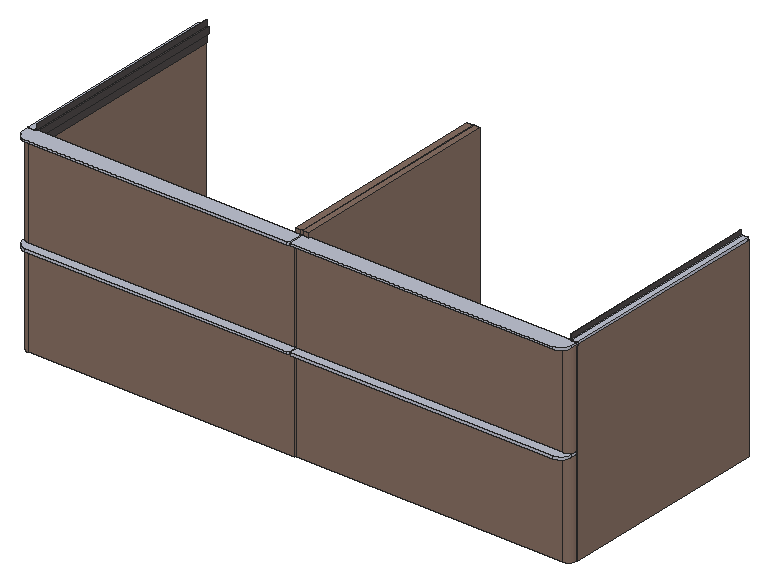
Revit family "vanity unit with 4 drawers for consoles with bowl", category Furniture, Revit 2019 (continued)
Definition of nested family "vanity unit 1560_550 with 4 drawers for consoles with bowl-54092700-natural oak-matt_white-200_content"
  Parameters (values of type "Vanity unit 1560_550 with 4 drawers for consoles with bowl-54092700-Natural Oak-MATT_WHITE-200_Content")
    etim7_EC011381 = "EC011381"
    WEIGHT = "61"
    UNSPSC = "56 | Furniture and Furnishings"
    UNIFORMATII = "E2010 | Fixed Furnishings"
    UNICLASS_2015_CODE = "40_30_78_05"
    UNICLASS2015 = "Pr_40_30_78_05 | Bathroom furniture"
    SURFACE = "MATT_WHITE"
    REGIONSET = "Worldwide"
    PRODUCTURL = "https://pro.hansgrohe.com/articledetail--54092000"
    PRODUCTGROUP = "vanity unit"
    PRODUCTFAMILY = "Xelu Q"
    PERMALINK = "54092XXX"
    OMNICLASS = "23-21 19 15 33 13 | Residential Bathroom Specialty Casework"
    OBJECTTYPE = "Object (single object)"
    OBERFLAECHE = "Natural Oak"
    NN = "Vanity Unit with 4 Drawers for consoles with bowl"
    NBSYN = "$BASENUMBER.-$ARTNR.-$OBERFLAECHE.-$SURFACE.-$LODLEVEL."
    NB = "Vanity unit 1560/550 with 4 drawers for consoles with bowl-54092700-Natural Oak-MATT_WHITE-200"
    NAME = "Xelu Q Vanity unit Natural Oak 1560/550 with 4 drawers for consoles with bowl"
    Model = "Vanity unit 1560/550 with 4 drawers for consoles with bowl-54092700-Natural Oak-MATT_WHITE-200"
    Manufacturer = "Hansgrohe"
    MASTERFORMAT = "12 35 30.23 | Bathroom Casework"
    LODLEVEL = "200"
    LINA = "Vanity unit 1560/550 with 4 drawers for consoles with bowl-54092700-Natural Oak-MATT_WHITE-200"
    L = 1560
    IFC = "Furnishing element"
    GTINCODE = "4059625457191"
    ETIM = "EC011381 | Bathroom furniture set"
    Default Elevation = 1219.2 mm
    DESIGN = "Germany"
    ContentVisible [instance] = yes
    CATALOG = "Hansgrohe"
    BIMOBJECT = "Sanitary: Compound units"
    BASENUMBER = "Vanity unit 1560/550 with 4 drawers for consoles with bowl"
    ARTNR = "54092700"
  Reference planes
    plane 1 "Center (Front/Back)": y = 0
    plane 2: z = 0
    plane 3 "Center (Left/Right)": x = 0
  Forms (mm)
    Extrusion 1, solid, visible <- "ContentVisible", detail levels medium+fine
      sketch origin (0, 0, 0) x (1, 0, 0) y (0, 1, 0)
        loop
          line (-780, 0) -> (-780, -551) -> (780, -551) -> (780, 0) -> (764, 0) -> (764, -117) -> (-764, -117) -> (-764, 0) -> (-780, 0)
      from 0 to 480
    Extrusion 2, solid, visible <- "ContentVisible", detail levels medium+fine
      sketch origin (0, 0, 480) x (1, 0, 0) y (0, 1, 0)
        loop
          line (-778.5, -528.5) -> (-778.5, -571) -> (778.5, -571) -> (778.5, -528.5) -> (-778.5, -528.5)
      from 0 to 5
    Extrusion 3, solid, visible <- "ContentVisible", detail levels medium+fine
      sketch origin (0, 0, 237) x (1, 0, 0) y (0, 1, 0)
        loop
          line (-778.5, -528.5) -> (-778.5, -571) -> (778.5, -571) -> (778.5, -528.5) -> (-778.5, -528.5)
      from 0 to 5
    Extrusion 4, solid, visible <- "ContentVisible", detail levels medium+fine
      sketch origin (0, 0, 0) x (1, 0, 0) y (0, 0, -1)
        loop
          line (-764, -447) -> (-764, -485) -> (-762.5, -485) -> (-762.5, -447) -> (-764, -447)
      from -528.5 to 0
    Extrusion 5, solid, visible <- "ContentVisible", detail levels medium+fine
      sketch origin (0, 0, 0) x (1, 0, 0) y (0, 0, -1)
        loop
          line (762.5, -446.8) -> (762.5, -485) -> (764, -485) -> (764, -446.8) -> (762.5, -446.8)
      from -528.5 to 0
    Extrusion 6, solid, visible <- "ContentVisible", detail levels medium+fine
      sketch origin (0, 0, 480) x (1, 0, 0) y (0, 1, 0)
        loop
          line (-780, 0) -> (-780, -530) -> (-764, -530) -> (-764, 0) -> (-780, 0)
      from 0 to 5
    Extrusion 7, solid, visible <- "ContentVisible", detail levels medium+fine
      sketch origin (0, 0, 480) x (1, 0, 0) y (0, 1, 0)
        loop
          line (764, 0) -> (764, -530) -> (780, -530) -> (780, 0) -> (764, 0)
      from 0 to 5
    Extrusion 8, solid, visible <- "ContentVisible", detail levels medium+fine
      sketch origin (0, 0, 0) x (1, 0, 0) y (0, 0, -1)
        loop
          line (-762.5, -447) -> (-762.5, -496) -> (-756.4, -496) -> (-756.4, -447) -> (-762.5, -447)
      from -528.5 to 0
    Extrusion 9, solid, visible <- "ContentVisible", detail levels medium+fine
      sketch origin (0, 0, 0) x (1, 0, 0) y (0, 0, -1)
        loop
          line (756.4, -447) -> (756.4, -496) -> (762.5, -496) -> (762.5, -447) -> (756.4, -447)
      from -528.5 to 0
    Extrusion 10, solid, visible <- "ContentVisible", detail levels coarse
      sketch origin (0, -285.5, 0) x (1, 0, 0) y (0, 1, 0)
        loop
          line (-780, -285.5) -> (780, -285.5) -> (780, 285.5) -> (-780, 285.5) -> (-780, -285.5)
      from 0 to 496
  Dimensions and locks
    aligned and locked: level to plane 2
Definition of nested family "vanity unit 1560_550 with 4 drawers for consoles with bowl-54092700-natural oak-matt_white-400_content"
  Parameters (values of type "Vanity unit 1560_550 with 4 drawers for consoles with bowl-54092700-Natural Oak-MATT_WHITE-400_Content")
    etim7_EC011381 = "EC011381"
    WEIGHT = "61"
    UNSPSC = "56 | Furniture and Furnishings"
    UNIFORMATII = "E2010 | Fixed Furnishings"
    UNICLASS_2015_CODE = "40_30_78_05"
    UNICLASS2015 = "Pr_40_30_78_05 | Bathroom furniture"
    SURFACE = "MATT_WHITE"
    REGIONSET = "Worldwide"
    PRODUCTURL = "https://pro.hansgrohe.com/articledetail--54092000"
    PRODUCTGROUP = "vanity unit"
    PRODUCTFAMILY = "Xelu Q"
    PERMALINK = "54092XXX"
    OMNICLASS = "23-21 19 15 33 13 | Residential Bathroom Specialty Casework"
    OBJECTTYPE = "Object (single object)"
    OBERFLAECHE = "Natural Oak"
    NN = "Vanity Unit with 4 Drawers for consoles with bowl"
    NBSYN = "$BASENUMBER.-$ARTNR.-$OBERFLAECHE.-$SURFACE.-$LODLEVEL."
    NB = "Vanity unit 1560/550 with 4 drawers for consoles with bowl-54092700-Natural Oak-MATT_WHITE-400"
    NAME = "Xelu Q Vanity unit Natural Oak 1560/550 with 4 drawers for consoles with bowl"
    Model = "Vanity unit 1560/550 with 4 drawers for consoles with bowl-54092700-Natural Oak-MATT_WHITE-400"
    Manufacturer = "Hansgrohe"
    MASTERFORMAT = "12 35 30.23 | Bathroom Casework"
    LODLEVEL = "400"
    LINA = "Vanity unit 1560/550 with 4 drawers for consoles with bowl-54092700-Natural Oak-MATT_WHITE-400"
    L = 1560
    IFC = "Furnishing element"
    GTINCODE = "4059625457191"
    ETIM = "EC011381 | Bathroom furniture set"
    Default Elevation = 1219.2 mm
    DESIGN = "Germany"
    ContentVisible [instance] = yes
    CATALOG = "Hansgrohe"
    BIMOBJECT = "Sanitary: Compound units"
    BASENUMBER = "Vanity unit 1560/550 with 4 drawers for consoles with bowl"
    ARTNR = "54092700"
  Reference planes
    plane 1 "Center (Front/Back)": y = 0
    plane 2: z = 0
    plane 3 "Center (Left/Right)": x = 0
  Forms (mm)
    Extrusion 1, solid, visible <- "ContentVisible", detail levels medium+fine
      sketch origin (0, 0, 0) x (1, 0, 0) y (0, 1, 0)
        loop
          line (-780, 0) -> (-780, -527)
          arc (-780, -527) -> (-779.121, -529.121) -> (-777, -530) r 3
          line (-777, -530) -> (-764, -530) -> (-764, 0) -> (-780, 0)
      from 0 to 480
    Extrusion 2, solid, visible <- "ContentVisible", detail levels medium+fine
      sketch origin (0, 0, 0) x (1, 0, 0) y (0, 1, 0)
        loop
          line (-764, -133) -> (-764, -499.5) -> (-16, -499.5) -> (-16, -133) -> (-764, -133)
      from 0 to 16
    Extrusion 3, solid, visible <- "ContentVisible", detail levels medium+fine
      sketch origin (0, 0, 0) x (1, 0, 0) y (0, 1, 0)
        loop
          line (-16, 0) -> (-16, -530) -> (-3, -530)
          arc (-3, -530) -> (-0.879, -529.121) -> (0, -527) r 3
          line (0, -527) -> (0, 0) -> (-16, 0)
      from 0 to 496
    Extrusion 4, solid, visible <- "ContentVisible", detail levels medium+fine
      sketch origin (0, 0, 0) x (1, 0, 0) y (0, 1, 0)
        loop
          line (0, 0) -> (0, -527)
          arc (0, -527) -> (0.879, -529.121) -> (3, -530) r 3
          line (3, -530) -> (16, -530) -> (16, 0) -> (0, 0)
      from 0 to 496
    Extrusion 5, solid, visible <- "ContentVisible", detail levels medium+fine
      sketch origin (0, 0, 0) x (1, 0, 0) y (0, 1, 0)
        loop
          line (16, -499.5) -> (764, -499.5) -> (764, -133) -> (16, -133) -> (16, -499.5)
      from 0 to 16
    Extrusion 6, solid, visible <- "ContentVisible", detail levels medium+fine
      sketch origin (0, 0, 0) x (1, 0, 0) y (0, 1, 0)
        loop
          line (764, 0) -> (764, -530) -> (777, -530)
          arc (777, -530) -> (779.121, -529.121) -> (780, -527) r 3
          line (780, -527) -> (780, 0) -> (764, 0)
      from 0 to 480
    Extrusion 7, solid, visible <- "ContentVisible", detail levels medium+fine
      sketch origin (0, 0, 0) x (1, 0, 0) y (0, 1, 0)
        loop
          line (-764, -117) -> (-764, -133) -> (764, -133) -> (764, -117) -> (-764, -117)
      from 0 to 126
    Extrusion 8, solid, visible <- "ContentVisible", detail levels medium+fine
      sketch origin (0, 0, 2) x (1, 0, 0) y (0, 1, 0)
        loop
          arc (-780, -532) -> (-774.435, -545.435) -> (-761, -551) r 19
          line (-761, -551) -> (-2.5, -551)
          arc (-2.5, -551) -> (-1.793, -550.707) -> (-1.5, -550) r 1
          line (-1.5, -550) -> (-1.5, -530) -> (-780, -530) -> (-780, -532)
      from 0 to 235
    Extrusion 9, solid, visible <- "ContentVisible", detail levels medium+fine
      sketch origin (0, 0, 2) x (1, 0, 0) y (0, 1, 0)
        loop
          arc (1.5, -550) -> (1.793, -550.707) -> (2.5, -551) r 1
          line (2.5, -551) -> (761, -551)
          arc (761, -551) -> (774.435, -545.435) -> (780, -532) r 19
          line (780, -532) -> (780, -530) -> (1.5, -530) -> (1.5, -550)
      from 0 to 235
    Extrusion 10, solid, visible <- "ContentVisible", detail levels medium+fine
      sketch origin (0, 0, 237) x (1, 0, 0) y (0, 1, 0)
        loop
          line (-778.5, -530) -> (-778.5, -546)
          arc (-778.5, -546) -> (-771.178, -563.678) -> (-753.5, -571) r 25
          line (-753.5, -571) -> (-4.5, -571)
          arc (-4.5, -571) -> (-2.379, -570.121) -> (-1.5, -568) r 3
          line (-1.5, -568) -> (-1.5, -528.5) -> (-758.5, -528.5) -> (-758.5, -530) -> (-778.5, -530)
      from 0 to 5
    Extrusion 11, solid, visible <- "ContentVisible", detail levels medium+fine
      sketch origin (0, 0, 237) x (1, 0, 0) y (0, 1, 0)
        loop
          arc (1.5, -568) -> (2.379, -570.121) -> (4.5, -571) r 3
          line (4.5, -571) -> (753.5, -571)
          arc (753.5, -571) -> (771.178, -563.678) -> (778.5, -546) r 25
          line (778.5, -546) -> (778.5, -530) -> (758.5, -530) -> (758.5, -528.5) -> (1.5, -528.5) -> (1.5, -568)
      from 0 to 5
    Extrusion 12, solid, visible <- "ContentVisible", detail levels medium+fine
      sketch origin (0, 0, 245) x (1, 0, 0) y (0, 1, 0)
        loop
          arc (-780, -532) -> (-774.435, -545.435) -> (-761, -551) r 19
          line (-761, -551) -> (-2.5, -551)
          arc (-2.5, -551) -> (-1.793, -550.707) -> (-1.5, -550) r 1
          line (-1.5, -550) -> (-1.5, -530) -> (-780, -530) -> (-780, -532)
      from 0 to 235
    Extrusion 13, solid, visible <- "ContentVisible", detail levels medium+fine
      sketch origin (0, 0, 245) x (1, 0, 0) y (0, 1, 0)
        loop
          arc (1.5, -550) -> (1.793, -550.707) -> (2.5, -551) r 1
          line (2.5, -551) -> (761, -551)
          arc (761, -551) -> (774.435, -545.435) -> (780, -532) r 19
          line (780, -532) -> (780, -530) -> (1.5, -530) -> (1.5, -550)
      from 0 to 235
    Extrusion 14, solid, visible <- "ContentVisible", detail levels medium+fine
      sketch origin (0, 0, 480) x (1, 0, 0) y (0, 1, 0)
        loop
          line (-778.5, -530) -> (-778.5, -546)
          arc (-778.5, -546) -> (-771.178, -563.678) -> (-753.5, -571) r 25
          line (-753.5, -571) -> (-4.5, -571)
          arc (-4.5, -571) -> (-2.379, -570.121) -> (-1.5, -568) r 3
          line (-1.5, -568) -> (-1.5, -528.5) -> (-758.5, -528.5) -> (-758.5, -530) -> (-778.5, -530)
      from 0 to 5
    Extrusion 15, solid, visible <- "ContentVisible", detail levels medium+fine
      sketch origin (0, 0, 480) x (1, 0, 0) y (0, 1, 0)
        loop
          arc (1.5, -568) -> (2.379, -570.121) -> (4.5, -571) r 3
          line (4.5, -571) -> (753.5, -571)
          arc (753.5, -571) -> (771.178, -563.678) -> (778.5, -546) r 25
          line (778.5, -546) -> (778.5, -530) -> (758.5, -530) -> (758.5, -528.5) -> (1.5, -528.5) -> (1.5, -568)
      from 0 to 5
    Extrusion 16, solid, visible <- "ContentVisible", detail levels medium+fine
      sketch origin (-1.5, 0, 0) x (0, 0, -1) y (0, 1, 0)
        loop
          line (-480, -528.5) -> (-480, -530) -> (-450, -530) -> (-450, -528.5) -> (-480, -528.5)
      from -764 to 764
    Extrusion 17, solid, visible <- "ContentVisible", detail levels medium+fine
      sketch origin (-1.5, 0, 0) x (0, 0, -1) y (0, 1, 0)
        loop
          line (-242, -528.5) -> (-242, -530) -> (-212, -530) -> (-212, -528.5) -> (-242, -528.5)
      from -764 to 764
    Extrusion 18, solid, visible <- "ContentVisible", detail levels medium+fine
      sketch origin (1.5, 0, 0) x (0, 0, -1) y (0, 1, 0)
        loop
          line (-480, -528.5) -> (-480, -530) -> (-450, -530) -> (-450, -528.5) -> (-480, -528.5)
      from 0 to 764
    Extrusion 19, solid, visible <- "ContentVisible", detail levels medium+fine
      sketch origin (0, 0, 0) x (1, 0, 0) y (0, 0, -1)
        loop
          line (-764, -447) -> (-764, -485) -> (-762.5, -485) -> (-762.5, -447) -> (-764, -447)
      from -528.5 to 0
    Extrusion 20, solid, visible <- "ContentVisible", detail levels medium+fine
      sketch origin (0, 0, 0) x (1, 0, 0) y (0, 0, -1)
        loop
          line (762.5, -446.8) -> (762.5, -485) -> (764, -485) -> (764, -446.8) -> (762.5, -446.8)
      from -528.5 to 0
    Extrusion 21, solid, visible <- "ContentVisible", detail levels medium+fine
      sketch origin (0, 0, 480) x (1, 0, 0) y (0, 1, 0)
        loop
          line (-780, -3) -> (-780, -527)
          arc (-780, -527) -> (-779.121, -529.121) -> (-777, -530) r 3
          line (-777, -530) -> (-764, -530) -> (-764, 0) -> (-777, 0)
          arc (-777, 0) -> (-779.121, -0.879) -> (-780, -3) r 3
      from 0 to 5
    Extrusion 22, solid, visible <- "ContentVisible", detail levels medium+fine
      sketch origin (0, 0, 480) x (1, 0, 0) y (0, 1, 0)
        loop
          line (764, 0) -> (764, -530) -> (777, -530)
          arc (777, -530) -> (779.121, -529.121) -> (780, -527) r 3
          line (780, -527) -> (780, -3)
          arc (780, -3) -> (779.121, -0.879) -> (777, 0) r 3
          line (777, 0) -> (764, 0)
      from 0 to 5
    Extrusion 23, solid, visible <- "ContentVisible", detail levels medium+fine
      sketch origin (0, 0, 0) x (1, 0, 0) y (0, 0, -1)
        loop
          line (-762.5, -447) -> (-762.5, -496) -> (-761, -496) -> (-761, -483) -> (-756.4, -483) -> (-756.4, -468.5) -> (-761, -468.5) -> (-761, -447) -> (-762.5, -447)
      from -525 to 0
    Extrusion 24, solid, visible <- "ContentVisible", detail levels medium+fine
      sketch origin (0, 0, 0) x (1, 0, 0) y (0, 0, -1)
        loop
          line (756.4, -468.5) -> (756.4, -483) -> (761, -483) -> (761, -496) -> (762.5, -496) -> (762.5, -447) -> (761, -447) -> (761, -468.5) -> (756.4, -468.5)
      from -525 to 0
    Extrusion 25, solid, visible <- "ContentVisible", detail levels coarse
      sketch origin (0, -285.5, 0) x (1, 0, 0) y (0, 1, 0)
        loop
          line (-780, -285.5) -> (780, -285.5) -> (780, 285.5) -> (-780, 285.5) -> (-780, -285.5)
      from 0 to 496
  Dimensions and locks
    aligned and locked: level to plane 2
Definition of nested family "vanity unit 1560_550 with 4 drawers for consoles with bowl-54093000-dark walnut-chrome-200_content"
  Parameters (values of type "Vanity unit 1560_550 with 4 drawers for consoles with bowl-54093000-Dark Walnut-CHROME-200_Content")
    etim7_EC011381 = "EC011381"
    WEIGHT = "61"
    UNSPSC = "56 | Furniture and Furnishings"
    UNIFORMATII = "E2010 | Fixed Furnishings"
    UNICLASS_2015_CODE = "40_30_78_05"
    UNICLASS2015 = "Pr_40_30_78_05 | Bathroom furniture"
    SURFACE = "CHROME"
    REGIONSET = "Worldwide"
    PRODUCTURL = "https://pro.hansgrohe.com/articledetail--54093000"
    PRODUCTGROUP = "vanity unit"
    PRODUCTFAMILY = "Xelu Q"
    PERMALINK = "54093XXX"
    OMNICLASS = "23-21 19 15 33 13 | Residential Bathroom Specialty Casework"
    OBJECTTYPE = "Object (single object)"
    OBERFLAECHE = "Dark Walnut"
    NN = "Vanity Unit with 4 Drawers for consoles with bowl"
    NBSYN = "$BASENUMBER.-$ARTNR.-$OBERFLAECHE.-$SURFACE.-$LODLEVEL."
    NB = "Vanity unit 1560/550 with 4 drawers for consoles with bowl-54093000-Dark Walnut-CHROME-200"
    NAME = "Xelu Q Vanity unit Dark Walnut 1560/550 with 4 drawers for consoles with bowl"
    Model = "Vanity unit 1560/550 with 4 drawers for consoles with bowl-54093000-Dark Walnut-CHROME-200"
    Manufacturer = "Hansgrohe"
    MASTERFORMAT = "12 35 30.23 | Bathroom Casework"
    LODLEVEL = "200"
    LINA = "Vanity unit 1560/550 with 4 drawers for consoles with bowl-54093000-Dark Walnut-CHROME-200"
    L = 1560
    IFC = "Furnishing element"
    GTINCODE = "4059625457160"
    ETIM = "EC011381 | Bathroom furniture set"
    Default Elevation = 1219.2 mm
    DESIGN = "Germany"
    ContentVisible [instance] = yes
    CATALOG = "Hansgrohe"
    BIMOBJECT = "Sanitary: Compound units"
    BASENUMBER = "Vanity unit 1560/550 with 4 drawers for consoles with bowl"
    ARTNR = "54093000"
  Reference planes
    plane 1 "Center (Front/Back)": y = 0
    plane 2: z = 0
    plane 3 "Center (Left/Right)": x = 0
  Forms (mm)
    Extrusion 1, solid, visible <- "ContentVisible", detail levels medium+fine
      sketch origin (0, 0, 0) x (1, 0, 0) y (0, 1, 0)
        loop
          line (-780, 0) -> (-780, -551) -> (780, -551) -> (780, 0) -> (764, 0) -> (764, -117) -> (-764, -117) -> (-764, 0) -> (-780, 0)
      from 0 to 480
    Extrusion 2, solid, visible <- "ContentVisible", detail levels medium+fine
      sketch origin (0, 0, 480) x (1, 0, 0) y (0, 1, 0)
        loop
          line (-778.5, -528.5) -> (-778.5, -571) -> (778.5, -571) -> (778.5, -528.5) -> (-778.5, -528.5)
      from 0 to 5
    Extrusion 3, solid, visible <- "ContentVisible", detail levels medium+fine
      sketch origin (0, 0, 237) x (1, 0, 0) y (0, 1, 0)
        loop
          line (-778.5, -528.5) -> (-778.5, -571) -> (778.5, -571) -> (778.5, -528.5) -> (-778.5, -528.5)
      from 0 to 5
    Extrusion 4, solid, visible <- "ContentVisible", detail levels medium+fine
      sketch origin (0, 0, 0) x (1, 0, 0) y (0, 0, -1)
        loop
          line (-764, -447) -> (-764, -485) -> (-762.5, -485) -> (-762.5, -447) -> (-764, -447)
      from -528.5 to 0
    Extrusion 5, solid, visible <- "ContentVisible", detail levels medium+fine
      sketch origin (0, 0, 0) x (1, 0, 0) y (0, 0, -1)
        loop
          line (762.5, -446.8) -> (762.5, -485) -> (764, -485) -> (764, -446.8) -> (762.5, -446.8)
      from -528.5 to 0
    Extrusion 6, solid, visible <- "ContentVisible", detail levels medium+fine
      sketch origin (0, 0, 480) x (1, 0, 0) y (0, 1, 0)
        loop
          line (-780, 0) -> (-780, -530) -> (-764, -530) -> (-764, 0) -> (-780, 0)
      from 0 to 5
    Extrusion 7, solid, visible <- "ContentVisible", detail levels medium+fine
      sketch origin (0, 0, 480) x (1, 0, 0) y (0, 1, 0)
        loop
          line (764, 0) -> (764, -530) -> (780, -530) -> (780, 0) -> (764, 0)
      from 0 to 5
    Extrusion 8, solid, visible <- "ContentVisible", detail levels medium+fine
      sketch origin (0, 0, 0) x (1, 0, 0) y (0, 0, -1)
        loop
          line (-762.5, -447) -> (-762.5, -496) -> (-756.4, -496) -> (-756.4, -447) -> (-762.5, -447)
      from -528.5 to 0
    Extrusion 9, solid, visible <- "ContentVisible", detail levels medium+fine
      sketch origin (0, 0, 0) x (1, 0, 0) y (0, 0, -1)
        loop
          line (756.4, -447) -> (756.4, -496) -> (762.5, -496) -> (762.5, -447) -> (756.4, -447)
      from -528.5 to 0
    Extrusion 10, solid, visible <- "ContentVisible", detail levels coarse
      sketch origin (0, -285.5, 0) x (1, 0, 0) y (0, 1, 0)
        loop
          line (-780, -285.5) -> (780, -285.5) -> (780, 285.5) -> (-780, 285.5) -> (-780, -285.5)
      from 0 to 496
  Dimensions and locks
    aligned and locked: level to plane 2
Definition of nested family "vanity unit 1560_550 with 4 drawers for consoles with bowl-54093000-dark walnut-chrome-400_content"
  Parameters (values of type "Vanity unit 1560_550 with 4 drawers for consoles with bowl-54093000-Dark Walnut-CHROME-400_Content")
    etim7_EC011381 = "EC011381"
    WEIGHT = "61"
    UNSPSC = "56 | Furniture and Furnishings"
    UNIFORMATII = "E2010 | Fixed Furnishings"
    UNICLASS_2015_CODE = "40_30_78_05"
    UNICLASS2015 = "Pr_40_30_78_05 | Bathroom furniture"
    SURFACE = "CHROME"
    REGIONSET = "Worldwide"
    PRODUCTURL = "https://pro.hansgrohe.com/articledetail--54093000"
    PRODUCTGROUP = "vanity unit"
    PRODUCTFAMILY = "Xelu Q"
    PERMALINK = "54093XXX"
    OMNICLASS = "23-21 19 15 33 13 | Residential Bathroom Specialty Casework"
    OBJECTTYPE = "Object (single object)"
    OBERFLAECHE = "Dark Walnut"
    NN = "Vanity Unit with 4 Drawers for consoles with bowl"
    NBSYN = "$BASENUMBER.-$ARTNR.-$OBERFLAECHE.-$SURFACE.-$LODLEVEL."
    NB = "Vanity unit 1560/550 with 4 drawers for consoles with bowl-54093000-Dark Walnut-CHROME-400"
    NAME = "Xelu Q Vanity unit Dark Walnut 1560/550 with 4 drawers for consoles with bowl"
    Model = "Vanity unit 1560/550 with 4 drawers for consoles with bowl-54093000-Dark Walnut-CHROME-400"
    Manufacturer = "Hansgrohe"
    MASTERFORMAT = "12 35 30.23 | Bathroom Casework"
    LODLEVEL = "400"
    LINA = "Vanity unit 1560/550 with 4 drawers for consoles with bowl-54093000-Dark Walnut-CHROME-400"
    L = 1560
    IFC = "Furnishing element"
    GTINCODE = "4059625457160"
    ETIM = "EC011381 | Bathroom furniture set"
    Default Elevation = 1219.2 mm
    DESIGN = "Germany"
    ContentVisible [instance] = yes
    CATALOG = "Hansgrohe"
    BIMOBJECT = "Sanitary: Compound units"
    BASENUMBER = "Vanity unit 1560/550 with 4 drawers for consoles with bowl"
    ARTNR = "54093000"
  Reference planes
    plane 1 "Center (Front/Back)": y = 0
    plane 2: z = 0
    plane 3 "Center (Left/Right)": x = 0
  Forms (mm)
    Extrusion 1, solid, visible <- "ContentVisible", detail levels medium+fine
      sketch origin (0, 0, 0) x (1, 0, 0) y (0, 1, 0)
        loop
          line (-780, 0) -> (-780, -527)
          arc (-780, -527) -> (-779.121, -529.121) -> (-777, -530) r 3
          line (-777, -530) -> (-764, -530) -> (-764, 0) -> (-780, 0)
      from 0 to 480
    Extrusion 2, solid, visible <- "ContentVisible", detail levels medium+fine
      sketch origin (0, 0, 0) x (1, 0, 0) y (0, 1, 0)
        loop
          line (-764, -133) -> (-764, -499.5) -> (-16, -499.5) -> (-16, -133) -> (-764, -133)
      from 0 to 16
    Extrusion 3, solid, visible <- "ContentVisible", detail levels medium+fine
      sketch origin (0, 0, 0) x (1, 0, 0) y (0, 1, 0)
        loop
          line (-16, 0) -> (-16, -530) -> (-3, -530)
          arc (-3, -530) -> (-0.879, -529.121) -> (0, -527) r 3
          line (0, -527) -> (0, 0) -> (-16, 0)
      from 0 to 496
    Extrusion 4, solid, visible <- "ContentVisible", detail levels medium+fine
      sketch origin (0, 0, 0) x (1, 0, 0) y (0, 1, 0)
        loop
          line (0, 0) -> (0, -527)
          arc (0, -527) -> (0.879, -529.121) -> (3, -530) r 3
          line (3, -530) -> (16, -530) -> (16, 0) -> (0, 0)
      from 0 to 496
    Extrusion 5, solid, visible <- "ContentVisible", detail levels medium+fine
      sketch origin (0, 0, 0) x (1, 0, 0) y (0, 1, 0)
        loop
          line (16, -499.5) -> (764, -499.5) -> (764, -133) -> (16, -133) -> (16, -499.5)
      from 0 to 16
    Extrusion 6, solid, visible <- "ContentVisible", detail levels medium+fine
      sketch origin (0, 0, 0) x (1, 0, 0) y (0, 1, 0)
        loop
          line (764, 0) -> (764, -530) -> (777, -530)
          arc (777, -530) -> (779.121, -529.121) -> (780, -527) r 3
          line (780, -527) -> (780, 0) -> (764, 0)
      from 0 to 480
    Extrusion 7, solid, visible <- "ContentVisible", detail levels medium+fine
      sketch origin (0, 0, 0) x (1, 0, 0) y (0, 1, 0)
        loop
          line (-764, -117) -> (-764, -133) -> (764, -133) -> (764, -117) -> (-764, -117)
      from 0 to 126
    Extrusion 8, solid, visible <- "ContentVisible", detail levels medium+fine
      sketch origin (0, 0, 2) x (1, 0, 0) y (0, 1, 0)
        loop
          arc (-780, -532) -> (-774.435, -545.435) -> (-761, -551) r 19
          line (-761, -551) -> (-2.5, -551)
          arc (-2.5, -551) -> (-1.793, -550.707) -> (-1.5, -550) r 1
          line (-1.5, -550) -> (-1.5, -530) -> (-780, -530) -> (-780, -532)
      from 0 to 235
    Extrusion 9, solid, visible <- "ContentVisible", detail levels medium+fine
      sketch origin (0, 0, 2) x (1, 0, 0) y (0, 1, 0)
        loop
          arc (1.5, -550) -> (1.793, -550.707) -> (2.5, -551) r 1
          line (2.5, -551) -> (761, -551)
          arc (761, -551) -> (774.435, -545.435) -> (780, -532) r 19
          line (780, -532) -> (780, -530) -> (1.5, -530) -> (1.5, -550)
      from 0 to 235
    Extrusion 10, solid, visible <- "ContentVisible", detail levels medium+fine
      sketch origin (0, 0, 237) x (1, 0, 0) y (0, 1, 0)
        loop
          line (-778.5, -530) -> (-778.5, -546)
          arc (-778.5, -546) -> (-771.178, -563.678) -> (-753.5, -571) r 25
          line (-753.5, -571) -> (-4.5, -571)
          arc (-4.5, -571) -> (-2.379, -570.121) -> (-1.5, -568) r 3
          line (-1.5, -568) -> (-1.5, -528.5) -> (-758.5, -528.5) -> (-758.5, -530) -> (-778.5, -530)
      from 0 to 5
    Extrusion 11, solid, visible <- "ContentVisible", detail levels medium+fine
      sketch origin (0, 0, 237) x (1, 0, 0) y (0, 1, 0)
        loop
          arc (1.5, -568) -> (2.379, -570.121) -> (4.5, -571) r 3
          line (4.5, -571) -> (753.5, -571)
          arc (753.5, -571) -> (771.178, -563.678) -> (778.5, -546) r 25
          line (778.5, -546) -> (778.5, -530) -> (758.5, -530) -> (758.5, -528.5) -> (1.5, -528.5) -> (1.5, -568)
      from 0 to 5
    Extrusion 12, solid, visible <- "ContentVisible", detail levels medium+fine
      sketch origin (0, 0, 245) x (1, 0, 0) y (0, 1, 0)
        loop
          arc (-780, -532) -> (-774.435, -545.435) -> (-761, -551) r 19
          line (-761, -551) -> (-2.5, -551)
          arc (-2.5, -551) -> (-1.793, -550.707) -> (-1.5, -550) r 1
          line (-1.5, -550) -> (-1.5, -530) -> (-780, -530) -> (-780, -532)
      from 0 to 235
    Extrusion 13, solid, visible <- "ContentVisible", detail levels medium+fine
      sketch origin (0, 0, 245) x (1, 0, 0) y (0, 1, 0)
        loop
          arc (1.5, -550) -> (1.793, -550.707) -> (2.5, -551) r 1
          line (2.5, -551) -> (761, -551)
          arc (761, -551) -> (774.435, -545.435) -> (780, -532) r 19
          line (780, -532) -> (780, -530) -> (1.5, -530) -> (1.5, -550)
      from 0 to 235
    Extrusion 14, solid, visible <- "ContentVisible", detail levels medium+fine
      sketch origin (0, 0, 480) x (1, 0, 0) y (0, 1, 0)
        loop
          line (-778.5, -530) -> (-778.5, -546)
          arc (-778.5, -546) -> (-771.178, -563.678) -> (-753.5, -571) r 25
          line (-753.5, -571) -> (-4.5, -571)
          arc (-4.5, -571) -> (-2.379, -570.121) -> (-1.5, -568) r 3
          line (-1.5, -568) -> (-1.5, -528.5) -> (-758.5, -528.5) -> (-758.5, -530) -> (-778.5, -530)
      from 0 to 5
    Extrusion 15, solid, visible <- "ContentVisible", detail levels medium+fine
      sketch origin (0, 0, 480) x (1, 0, 0) y (0, 1, 0)
        loop
          arc (1.5, -568) -> (2.379, -570.121) -> (4.5, -571) r 3
          line (4.5, -571) -> (753.5, -571)
          arc (753.5, -571) -> (771.178, -563.678) -> (778.5, -546) r 25
          line (778.5, -546) -> (778.5, -530) -> (758.5, -530) -> (758.5, -528.5) -> (1.5, -528.5) -> (1.5, -568)
      from 0 to 5
    Extrusion 16, solid, visible <- "ContentVisible", detail levels medium+fine
      sketch origin (-1.5, 0, 0) x (0, 0, -1) y (0, 1, 0)
        loop
          line (-480, -528.5) -> (-480, -530) -> (-450, -530) -> (-450, -528.5) -> (-480, -528.5)
      from -764 to 764
    Extrusion 17, solid, visible <- "ContentVisible", detail levels medium+fine
      sketch origin (-1.5, 0, 0) x (0, 0, -1) y (0, 1, 0)
        loop
          line (-242, -528.5) -> (-242, -530) -> (-212, -530) -> (-212, -528.5) -> (-242, -528.5)
      from -764 to 764
    Extrusion 18, solid, visible <- "ContentVisible", detail levels medium+fine
      sketch origin (1.5, 0, 0) x (0, 0, -1) y (0, 1, 0)
        loop
          line (-480, -528.5) -> (-480, -530) -> (-450, -530) -> (-450, -528.5) -> (-480, -528.5)
      from 0 to 764
    Extrusion 19, solid, visible <- "ContentVisible", detail levels medium+fine
      sketch origin (0, 0, 0) x (1, 0, 0) y (0, 0, -1)
        loop
          line (-764, -447) -> (-764, -485) -> (-762.5, -485) -> (-762.5, -447) -> (-764, -447)
      from -528.5 to 0
    Extrusion 20, solid, visible <- "ContentVisible", detail levels medium+fine
      sketch origin (0, 0, 0) x (1, 0, 0) y (0, 0, -1)
        loop
          line (762.5, -446.8) -> (762.5, -485) -> (764, -485) -> (764, -446.8) -> (762.5, -446.8)
      from -528.5 to 0
    Extrusion 21, solid, visible <- "ContentVisible", detail levels medium+fine
      sketch origin (0, 0, 480) x (1, 0, 0) y (0, 1, 0)
        loop
          line (-780, -3) -> (-780, -527)
          arc (-780, -527) -> (-779.121, -529.121) -> (-777, -530) r 3
          line (-777, -530) -> (-764, -530) -> (-764, 0) -> (-777, 0)
          arc (-777, 0) -> (-779.121, -0.879) -> (-780, -3) r 3
      from 0 to 5
    Extrusion 22, solid, visible <- "ContentVisible", detail levels medium+fine
      sketch origin (0, 0, 480) x (1, 0, 0) y (0, 1, 0)
        loop
          line (764, 0) -> (764, -530) -> (777, -530)
          arc (777, -530) -> (779.121, -529.121) -> (780, -527) r 3
          line (780, -527) -> (780, -3)
          arc (780, -3) -> (779.121, -0.879) -> (777, 0) r 3
          line (777, 0) -> (764, 0)
      from 0 to 5
    Extrusion 23, solid, visible <- "ContentVisible", detail levels medium+fine
      sketch origin (0, 0, 0) x (1, 0, 0) y (0, 0, -1)
        loop
          line (-762.5, -447) -> (-762.5, -496) -> (-761, -496) -> (-761, -483) -> (-756.4, -483) -> (-756.4, -468.5) -> (-761, -468.5) -> (-761, -447) -> (-762.5, -447)
      from -525 to 0
    Extrusion 24, solid, visible <- "ContentVisible", detail levels medium+fine
      sketch origin (0, 0, 0) x (1, 0, 0) y (0, 0, -1)
        loop
          line (756.4, -468.5) -> (756.4, -483) -> (761, -483) -> (761, -496) -> (762.5, -496) -> (762.5, -447) -> (761, -447) -> (761, -468.5) -> (756.4, -468.5)
      from -525 to 0
    Extrusion 25, solid, visible <- "ContentVisible", detail levels coarse
      sketch origin (0, -285.5, 0) x (1, 0, 0) y (0, 1, 0)
        loop
          line (-780, -285.5) -> (780, -285.5) -> (780, 285.5) -> (-780, 285.5) -> (-780, -285.5)
      from 0 to 496
  Dimensions and locks
    aligned and locked: level to plane 2
Definition of nested family "vanity unit 1560_550 with 4 drawers for consoles with bowl-54093670-dark walnut-matt_black-200_content"
  Parameters (values of type "Vanity unit 1560_550 with 4 drawers for consoles with bowl-54093670-Dark Walnut-MATT_BLACK-200_Content")
    etim7_EC011381 = "EC011381"
    WEIGHT = "61"
    UNSPSC = "56 | Furniture and Furnishings"
    UNIFORMATII = "E2010 | Fixed Furnishings"
    UNICLASS_2015_CODE = "40_30_78_05"
    UNICLASS2015 = "Pr_40_30_78_05 | Bathroom furniture"
    SURFACE = "MATT_BLACK"
    REGIONSET = "Worldwide"
    PRODUCTURL = "https://pro.hansgrohe.com/articledetail--54093000"
    PRODUCTGROUP = "vanity unit"
    PRODUCTFAMILY = "Xelu Q"
    PERMALINK = "54093XXX"
    OMNICLASS = "23-21 19 15 33 13 | Residential Bathroom Specialty Casework"
    OBJECTTYPE = "Object (single object)"
    OBERFLAECHE = "Dark Walnut"
    NN = "Vanity Unit with 4 Drawers for consoles with bowl"
    NBSYN = "$BASENUMBER.-$ARTNR.-$OBERFLAECHE.-$SURFACE.-$LODLEVEL."
    NB = "Vanity unit 1560/550 with 4 drawers for consoles with bowl-54093670-Dark Walnut-MATT_BLACK-200"
    NAME = "Xelu Q Vanity unit Dark Walnut 1560/550 with 4 drawers for consoles with bowl"
    Model = "Vanity unit 1560/550 with 4 drawers for consoles with bowl-54093670-Dark Walnut-MATT_BLACK-200"
    Manufacturer = "Hansgrohe"
    MASTERFORMAT = "12 35 30.23 | Bathroom Casework"
    LODLEVEL = "200"
    LINA = "Vanity unit 1560/550 with 4 drawers for consoles with bowl-54093670-Dark Walnut-MATT_BLACK-200"
    L = 1560
    IFC = "Furnishing element"
    GTINCODE = "4059625457160"
    ETIM = "EC011381 | Bathroom furniture set"
    Default Elevation = 1219.2 mm
    DESIGN = "Germany"
    ContentVisible [instance] = yes
    CATALOG = "Hansgrohe"
    BIMOBJECT = "Sanitary: Compound units"
    BASENUMBER = "Vanity unit 1560/550 with 4 drawers for consoles with bowl"
    ARTNR = "54093670"
  Reference planes
    plane 1 "Center (Front/Back)": y = 0
    plane 2: z = 0
    plane 3 "Center (Left/Right)": x = 0
  Forms (mm)
    Extrusion 1, solid, visible <- "ContentVisible", detail levels medium+fine
      sketch origin (0, 0, 0) x (1, 0, 0) y (0, 1, 0)
        loop
          line (-780, 0) -> (-780, -551) -> (780, -551) -> (780, 0) -> (764, 0) -> (764, -117) -> (-764, -117) -> (-764, 0) -> (-780, 0)
      from 0 to 480
    Extrusion 2, solid, visible <- "ContentVisible", detail levels medium+fine
      sketch origin (0, 0, 480) x (1, 0, 0) y (0, 1, 0)
        loop
          line (-778.5, -528.5) -> (-778.5, -571) -> (778.5, -571) -> (778.5, -528.5) -> (-778.5, -528.5)
      from 0 to 5
    Extrusion 3, solid, visible <- "ContentVisible", detail levels medium+fine
      sketch origin (0, 0, 237) x (1, 0, 0) y (0, 1, 0)
        loop
          line (-778.5, -528.5) -> (-778.5, -571) -> (778.5, -571) -> (778.5, -528.5) -> (-778.5, -528.5)
      from 0 to 5
    Extrusion 4, solid, visible <- "ContentVisible", detail levels medium+fine
      sketch origin (0, 0, 0) x (1, 0, 0) y (0, 0, -1)
        loop
          line (-764, -447) -> (-764, -485) -> (-762.5, -485) -> (-762.5, -447) -> (-764, -447)
      from -528.5 to 0
    Extrusion 5, solid, visible <- "ContentVisible", detail levels medium+fine
      sketch origin (0, 0, 0) x (1, 0, 0) y (0, 0, -1)
        loop
          line (762.5, -446.8) -> (762.5, -485) -> (764, -485) -> (764, -446.8) -> (762.5, -446.8)
      from -528.5 to 0
    Extrusion 6, solid, visible <- "ContentVisible", detail levels medium+fine
      sketch origin (0, 0, 480) x (1, 0, 0) y (0, 1, 0)
        loop
          line (-780, 0) -> (-780, -530) -> (-764, -530) -> (-764, 0) -> (-780, 0)
      from 0 to 5
    Extrusion 7, solid, visible <- "ContentVisible", detail levels medium+fine
      sketch origin (0, 0, 480) x (1, 0, 0) y (0, 1, 0)
        loop
          line (764, 0) -> (764, -530) -> (780, -530) -> (780, 0) -> (764, 0)
      from 0 to 5
    Extrusion 8, solid, visible <- "ContentVisible", detail levels medium+fine
      sketch origin (0, 0, 0) x (1, 0, 0) y (0, 0, -1)
        loop
          line (-762.5, -447) -> (-762.5, -496) -> (-756.4, -496) -> (-756.4, -447) -> (-762.5, -447)
      from -528.5 to 0
    Extrusion 9, solid, visible <- "ContentVisible", detail levels medium+fine
      sketch origin (0, 0, 0) x (1, 0, 0) y (0, 0, -1)
        loop
          line (756.4, -447) -> (756.4, -496) -> (762.5, -496) -> (762.5, -447) -> (756.4, -447)
      from -528.5 to 0
    Extrusion 10, solid, visible <- "ContentVisible", detail levels coarse
      sketch origin (0, -285.5, 0) x (1, 0, 0) y (0, 1, 0)
        loop
          line (-780, -285.5) -> (780, -285.5) -> (780, 285.5) -> (-780, 285.5) -> (-780, -285.5)
      from 0 to 496
  Dimensions and locks
    aligned and locked: level to plane 2
Definition of nested family "vanity unit 1560_550 with 4 drawers for consoles with bowl-54093670-dark walnut-matt_black-400_content"
  Parameters (values of type "Vanity unit 1560_550 with 4 drawers for consoles with bowl-54093670-Dark Walnut-MATT_BLACK-400_Content")
    etim7_EC011381 = "EC011381"
    WEIGHT = "61"
    UNSPSC = "56 | Furniture and Furnishings"
    UNIFORMATII = "E2010 | Fixed Furnishings"
    UNICLASS_2015_CODE = "40_30_78_05"
    UNICLASS2015 = "Pr_40_30_78_05 | Bathroom furniture"
    SURFACE = "MATT_BLACK"
    REGIONSET = "Worldwide"
    PRODUCTURL = "https://pro.hansgrohe.com/articledetail--54093000"
    PRODUCTGROUP = "vanity unit"
    PRODUCTFAMILY = "Xelu Q"
    PERMALINK = "54093XXX"
    OMNICLASS = "23-21 19 15 33 13 | Residential Bathroom Specialty Casework"
    OBJECTTYPE = "Object (single object)"
    OBERFLAECHE = "Dark Walnut"
    NN = "Vanity Unit with 4 Drawers for consoles with bowl"
    NBSYN = "$BASENUMBER.-$ARTNR.-$OBERFLAECHE.-$SURFACE.-$LODLEVEL."
    NB = "Vanity unit 1560/550 with 4 drawers for consoles with bowl-54093670-Dark Walnut-MATT_BLACK-400"
    NAME = "Xelu Q Vanity unit Dark Walnut 1560/550 with 4 drawers for consoles with bowl"
    Model = "Vanity unit 1560/550 with 4 drawers for consoles with bowl-54093670-Dark Walnut-MATT_BLACK-400"
    Manufacturer = "Hansgrohe"
    MASTERFORMAT = "12 35 30.23 | Bathroom Casework"
    LODLEVEL = "400"
    LINA = "Vanity unit 1560/550 with 4 drawers for consoles with bowl-54093670-Dark Walnut-MATT_BLACK-400"
    L = 1560
    IFC = "Furnishing element"
    GTINCODE = "4059625457160"
    ETIM = "EC011381 | Bathroom furniture set"
    Default Elevation = 1219.2 mm
    DESIGN = "Germany"
    ContentVisible [instance] = yes
    CATALOG = "Hansgrohe"
    BIMOBJECT = "Sanitary: Compound units"
    BASENUMBER = "Vanity unit 1560/550 with 4 drawers for consoles with bowl"
    ARTNR = "54093670"
  Reference planes
    plane 1 "Center (Front/Back)": y = 0
    plane 2: z = 0
    plane 3 "Center (Left/Right)": x = 0
  Forms (mm)
    Extrusion 1, solid, visible <- "ContentVisible", detail levels medium+fine
      sketch origin (0, 0, 0) x (1, 0, 0) y (0, 1, 0)
        loop
          line (-780, 0) -> (-780, -527)
          arc (-780, -527) -> (-779.121, -529.121) -> (-777, -530) r 3
          line (-777, -530) -> (-764, -530) -> (-764, 0) -> (-780, 0)
      from 0 to 480
    Extrusion 2, solid, visible <- "ContentVisible", detail levels medium+fine
      sketch origin (0, 0, 0) x (1, 0, 0) y (0, 1, 0)
        loop
          line (-764, -133) -> (-764, -499.5) -> (-16, -499.5) -> (-16, -133) -> (-764, -133)
      from 0 to 16
    Extrusion 3, solid, visible <- "ContentVisible", detail levels medium+fine
      sketch origin (0, 0, 0) x (1, 0, 0) y (0, 1, 0)
        loop
          line (-16, 0) -> (-16, -530) -> (-3, -530)
          arc (-3, -530) -> (-0.879, -529.121) -> (0, -527) r 3
          line (0, -527) -> (0, 0) -> (-16, 0)
      from 0 to 496
    Extrusion 4, solid, visible <- "ContentVisible", detail levels medium+fine
      sketch origin (0, 0, 0) x (1, 0, 0) y (0, 1, 0)
        loop
          line (0, 0) -> (0, -527)
          arc (0, -527) -> (0.879, -529.121) -> (3, -530) r 3
          line (3, -530) -> (16, -530) -> (16, 0) -> (0, 0)
      from 0 to 496
    Extrusion 5, solid, visible <- "ContentVisible", detail levels medium+fine
      sketch origin (0, 0, 0) x (1, 0, 0) y (0, 1, 0)
        loop
          line (16, -499.5) -> (764, -499.5) -> (764, -133) -> (16, -133) -> (16, -499.5)
      from 0 to 16
    Extrusion 6, solid, visible <- "ContentVisible", detail levels medium+fine
      sketch origin (0, 0, 0) x (1, 0, 0) y (0, 1, 0)
        loop
          line (764, 0) -> (764, -530) -> (777, -530)
          arc (777, -530) -> (779.121, -529.121) -> (780, -527) r 3
          line (780, -527) -> (780, 0) -> (764, 0)
      from 0 to 480
    Extrusion 7, solid, visible <- "ContentVisible", detail levels medium+fine
      sketch origin (0, 0, 0) x (1, 0, 0) y (0, 1, 0)
        loop
          line (-764, -117) -> (-764, -133) -> (764, -133) -> (764, -117) -> (-764, -117)
      from 0 to 126
    Extrusion 8, solid, visible <- "ContentVisible", detail levels medium+fine
      sketch origin (0, 0, 2) x (1, 0, 0) y (0, 1, 0)
        loop
          arc (-780, -532) -> (-774.435, -545.435) -> (-761, -551) r 19
          line (-761, -551) -> (-2.5, -551)
          arc (-2.5, -551) -> (-1.793, -550.707) -> (-1.5, -550) r 1
          line (-1.5, -550) -> (-1.5, -530) -> (-780, -530) -> (-780, -532)
      from 0 to 235
    Extrusion 9, solid, visible <- "ContentVisible", detail levels medium+fine
      sketch origin (0, 0, 2) x (1, 0, 0) y (0, 1, 0)
        loop
          arc (1.5, -550) -> (1.793, -550.707) -> (2.5, -551) r 1
          line (2.5, -551) -> (761, -551)
          arc (761, -551) -> (774.435, -545.435) -> (780, -532) r 19
          line (780, -532) -> (780, -530) -> (1.5, -530) -> (1.5, -550)
      from 0 to 235
    Extrusion 10, solid, visible <- "ContentVisible", detail levels medium+fine
      sketch origin (0, 0, 237) x (1, 0, 0) y (0, 1, 0)
        loop
          line (-778.5, -530) -> (-778.5, -546)
          arc (-778.5, -546) -> (-771.178, -563.678) -> (-753.5, -571) r 25
          line (-753.5, -571) -> (-4.5, -571)
          arc (-4.5, -571) -> (-2.379, -570.121) -> (-1.5, -568) r 3
          line (-1.5, -568) -> (-1.5, -528.5) -> (-758.5, -528.5) -> (-758.5, -530) -> (-778.5, -530)
      from 0 to 5
    Extrusion 11, solid, visible <- "ContentVisible", detail levels medium+fine
      sketch origin (0, 0, 237) x (1, 0, 0) y (0, 1, 0)
        loop
          arc (1.5, -568) -> (2.379, -570.121) -> (4.5, -571) r 3
          line (4.5, -571) -> (753.5, -571)
          arc (753.5, -571) -> (771.178, -563.678) -> (778.5, -546) r 25
          line (778.5, -546) -> (778.5, -530) -> (758.5, -530) -> (758.5, -528.5) -> (1.5, -528.5) -> (1.5, -568)
      from 0 to 5
    Extrusion 12, solid, visible <- "ContentVisible", detail levels medium+fine
      sketch origin (0, 0, 245) x (1, 0, 0) y (0, 1, 0)
        loop
          arc (-780, -532) -> (-774.435, -545.435) -> (-761, -551) r 19
          line (-761, -551) -> (-2.5, -551)
          arc (-2.5, -551) -> (-1.793, -550.707) -> (-1.5, -550) r 1
          line (-1.5, -550) -> (-1.5, -530) -> (-780, -530) -> (-780, -532)
      from 0 to 235
    Extrusion 13, solid, visible <- "ContentVisible", detail levels medium+fine
      sketch origin (0, 0, 245) x (1, 0, 0) y (0, 1, 0)
        loop
          arc (1.5, -550) -> (1.793, -550.707) -> (2.5, -551) r 1
          line (2.5, -551) -> (761, -551)
          arc (761, -551) -> (774.435, -545.435) -> (780, -532) r 19
          line (780, -532) -> (780, -530) -> (1.5, -530) -> (1.5, -550)
      from 0 to 235
    Extrusion 14, solid, visible <- "ContentVisible", detail levels medium+fine
      sketch origin (0, 0, 480) x (1, 0, 0) y (0, 1, 0)
        loop
          line (-778.5, -530) -> (-778.5, -546)
          arc (-778.5, -546) -> (-771.178, -563.678) -> (-753.5, -571) r 25
          line (-753.5, -571) -> (-4.5, -571)
          arc (-4.5, -571) -> (-2.379, -570.121) -> (-1.5, -568) r 3
          line (-1.5, -568) -> (-1.5, -528.5) -> (-758.5, -528.5) -> (-758.5, -530) -> (-778.5, -530)
      from 0 to 5
    Extrusion 15, solid, visible <- "ContentVisible", detail levels medium+fine
      sketch origin (0, 0, 480) x (1, 0, 0) y (0, 1, 0)
        loop
          arc (1.5, -568) -> (2.379, -570.121) -> (4.5, -571) r 3
          line (4.5, -571) -> (753.5, -571)
          arc (753.5, -571) -> (771.178, -563.678) -> (778.5, -546) r 25
          line (778.5, -546) -> (778.5, -530) -> (758.5, -530) -> (758.5, -528.5) -> (1.5, -528.5) -> (1.5, -568)
      from 0 to 5
    Extrusion 16, solid, visible <- "ContentVisible", detail levels medium+fine
      sketch origin (-1.5, 0, 0) x (0, 0, -1) y (0, 1, 0)
        loop
          line (-480, -528.5) -> (-480, -530) -> (-450, -530) -> (-450, -528.5) -> (-480, -528.5)
      from -764 to 764
    Extrusion 17, solid, visible <- "ContentVisible", detail levels medium+fine
      sketch origin (-1.5, 0, 0) x (0, 0, -1) y (0, 1, 0)
        loop
          line (-242, -528.5) -> (-242, -530) -> (-212, -530) -> (-212, -528.5) -> (-242, -528.5)
      from -764 to 764
    Extrusion 18, solid, visible <- "ContentVisible", detail levels medium+fine
      sketch origin (1.5, 0, 0) x (0, 0, -1) y (0, 1, 0)
        loop
          line (-480, -528.5) -> (-480, -530) -> (-450, -530) -> (-450, -528.5) -> (-480, -528.5)
      from 0 to 764
    Extrusion 19, solid, visible <- "ContentVisible", detail levels medium+fine
      sketch origin (0, 0, 0) x (1, 0, 0) y (0, 0, -1)
        loop
          line (-764, -447) -> (-764, -485) -> (-762.5, -485) -> (-762.5, -447) -> (-764, -447)
      from -528.5 to 0
    Extrusion 20, solid, visible <- "ContentVisible", detail levels medium+fine
      sketch origin (0, 0, 0) x (1, 0, 0) y (0, 0, -1)
        loop
          line (762.5, -446.8) -> (762.5, -485) -> (764, -485) -> (764, -446.8) -> (762.5, -446.8)
      from -528.5 to 0
    Extrusion 21, solid, visible <- "ContentVisible", detail levels medium+fine
      sketch origin (0, 0, 480) x (1, 0, 0) y (0, 1, 0)
        loop
          line (-780, -3) -> (-780, -527)
          arc (-780, -527) -> (-779.121, -529.121) -> (-777, -530) r 3
          line (-777, -530) -> (-764, -530) -> (-764, 0) -> (-777, 0)
          arc (-777, 0) -> (-779.121, -0.879) -> (-780, -3) r 3
      from 0 to 5
    Extrusion 22, solid, visible <- "ContentVisible", detail levels medium+fine
      sketch origin (0, 0, 480) x (1, 0, 0) y (0, 1, 0)
        loop
          line (764, 0) -> (764, -530) -> (777, -530)
          arc (777, -530) -> (779.121, -529.121) -> (780, -527) r 3
          line (780, -527) -> (780, -3)
          arc (780, -3) -> (779.121, -0.879) -> (777, 0) r 3
          line (777, 0) -> (764, 0)
      from 0 to 5
    Extrusion 23, solid, visible <- "ContentVisible", detail levels medium+fine
      sketch origin (0, 0, 0) x (1, 0, 0) y (0, 0, -1)
        loop
          line (-762.5, -447) -> (-762.5, -496) -> (-761, -496) -> (-761, -483) -> (-756.4, -483) -> (-756.4, -468.5) -> (-761, -468.5) -> (-761, -447) -> (-762.5, -447)
      from -525 to 0
    Extrusion 24, solid, visible <- "ContentVisible", detail levels medium+fine
      sketch origin (0, 0, 0) x (1, 0, 0) y (0, 0, -1)
        loop
          line (756.4, -468.5) -> (756.4, -483) -> (761, -483) -> (761, -496) -> (762.5, -496) -> (762.5, -447) -> (761, -447) -> (761, -468.5) -> (756.4, -468.5)
      from -525 to 0
    Extrusion 25, solid, visible <- "ContentVisible", detail levels coarse
      sketch origin (0, -285.5, 0) x (1, 0, 0) y (0, 1, 0)
        loop
          line (-780, -285.5) -> (780, -285.5) -> (780, 285.5) -> (-780, 285.5) -> (-780, -285.5)
      from 0 to 496
  Dimensions and locks
    aligned and locked: level to plane 2
Definition of nested family "vanity unit 1560_550 with 4 drawers for consoles with bowl-54093700-dark walnut-matt_white-200_content"
  Parameters (values of type "Vanity unit 1560_550 with 4 drawers for consoles with bowl-54093700-Dark Walnut-MATT_WHITE-200_Content")
    etim7_EC011381 = "EC011381"
    WEIGHT = "61"
    UNSPSC = "56 | Furniture and Furnishings"
    UNIFORMATII = "E2010 | Fixed Furnishings"
    UNICLASS_2015_CODE = "40_30_78_05"
    UNICLASS2015 = "Pr_40_30_78_05 | Bathroom furniture"
    SURFACE = "MATT_WHITE"
    REGIONSET = "Worldwide"
    PRODUCTURL = "https://pro.hansgrohe.com/articledetail--54093000"
    PRODUCTGROUP = "vanity unit"
    PRODUCTFAMILY = "Xelu Q"
    PERMALINK = "54093XXX"
    OMNICLASS = "23-21 19 15 33 13 | Residential Bathroom Specialty Casework"
    OBJECTTYPE = "Object (single object)"
    OBERFLAECHE = "Dark Walnut"
    NN = "Vanity Unit with 4 Drawers for consoles with bowl"
    NBSYN = "$BASENUMBER.-$ARTNR.-$OBERFLAECHE.-$SURFACE.-$LODLEVEL."
    NB = "Vanity unit 1560/550 with 4 drawers for consoles with bowl-54093700-Dark Walnut-MATT_WHITE-200"
    NAME = "Xelu Q Vanity unit Dark Walnut 1560/550 with 4 drawers for consoles with bowl"
    Model = "Vanity unit 1560/550 with 4 drawers for consoles with bowl-54093700-Dark Walnut-MATT_WHITE-200"
    Manufacturer = "Hansgrohe"
    MASTERFORMAT = "12 35 30.23 | Bathroom Casework"
    LODLEVEL = "200"
    LINA = "Vanity unit 1560/550 with 4 drawers for consoles with bowl-54093700-Dark Walnut-MATT_WHITE-200"
    L = 1560
    IFC = "Furnishing element"
    GTINCODE = "4059625457160"
    ETIM = "EC011381 | Bathroom furniture set"
    Default Elevation = 1219.2 mm
    DESIGN = "Germany"
    ContentVisible [instance] = yes
    CATALOG = "Hansgrohe"
    BIMOBJECT = "Sanitary: Compound units"
    BASENUMBER = "Vanity unit 1560/550 with 4 drawers for consoles with bowl"
    ARTNR = "54093700"
  Reference planes
    plane 1 "Center (Front/Back)": y = 0
    plane 2: z = 0
    plane 3 "Center (Left/Right)": x = 0
  Forms (mm)
    Extrusion 1, solid, visible <- "ContentVisible", detail levels medium+fine
      sketch origin (0, 0, 0) x (1, 0, 0) y (0, 1, 0)
        loop
          line (-780, 0) -> (-780, -551) -> (780, -551) -> (780, 0) -> (764, 0) -> (764, -117) -> (-764, -117) -> (-764, 0) -> (-780, 0)
      from 0 to 480
    Extrusion 2, solid, visible <- "ContentVisible", detail levels medium+fine
      sketch origin (0, 0, 480) x (1, 0, 0) y (0, 1, 0)
        loop
          line (-778.5, -528.5) -> (-778.5, -571) -> (778.5, -571) -> (778.5, -528.5) -> (-778.5, -528.5)
      from 0 to 5
    Extrusion 3, solid, visible <- "ContentVisible", detail levels medium+fine
      sketch origin (0, 0, 237) x (1, 0, 0) y (0, 1, 0)
        loop
          line (-778.5, -528.5) -> (-778.5, -571) -> (778.5, -571) -> (778.5, -528.5) -> (-778.5, -528.5)
      from 0 to 5
    Extrusion 4, solid, visible <- "ContentVisible", detail levels medium+fine
      sketch origin (0, 0, 0) x (1, 0, 0) y (0, 0, -1)
        loop
          line (-764, -447) -> (-764, -485) -> (-762.5, -485) -> (-762.5, -447) -> (-764, -447)
      from -528.5 to 0
    Extrusion 5, solid, visible <- "ContentVisible", detail levels medium+fine
      sketch origin (0, 0, 0) x (1, 0, 0) y (0, 0, -1)
        loop
          line (762.5, -446.8) -> (762.5, -485) -> (764, -485) -> (764, -446.8) -> (762.5, -446.8)
      from -528.5 to 0
    Extrusion 6, solid, visible <- "ContentVisible", detail levels medium+fine
      sketch origin (0, 0, 480) x (1, 0, 0) y (0, 1, 0)
        loop
          line (-780, 0) -> (-780, -530) -> (-764, -530) -> (-764, 0) -> (-780, 0)
      from 0 to 5
    Extrusion 7, solid, visible <- "ContentVisible", detail levels medium+fine
      sketch origin (0, 0, 480) x (1, 0, 0) y (0, 1, 0)
        loop
          line (764, 0) -> (764, -530) -> (780, -530) -> (780, 0) -> (764, 0)
      from 0 to 5
    Extrusion 8, solid, visible <- "ContentVisible", detail levels medium+fine
      sketch origin (0, 0, 0) x (1, 0, 0) y (0, 0, -1)
        loop
          line (-762.5, -447) -> (-762.5, -496) -> (-756.4, -496) -> (-756.4, -447) -> (-762.5, -447)
      from -528.5 to 0
    Extrusion 9, solid, visible <- "ContentVisible", detail levels medium+fine
      sketch origin (0, 0, 0) x (1, 0, 0) y (0, 0, -1)
        loop
          line (756.4, -447) -> (756.4, -496) -> (762.5, -496) -> (762.5, -447) -> (756.4, -447)
      from -528.5 to 0
    Extrusion 10, solid, visible <- "ContentVisible", detail levels coarse
      sketch origin (0, -285.5, 0) x (1, 0, 0) y (0, 1, 0)
        loop
          line (-780, -285.5) -> (780, -285.5) -> (780, 285.5) -> (-780, 285.5) -> (-780, -285.5)
      from 0 to 496
  Dimensions and locks
    aligned and locked: level to plane 2
Definition of nested family "vanity unit 1560_550 with 4 drawers for consoles with bowl-54093700-dark walnut-matt_white-400_content"
  Parameters (values of type "Vanity unit 1560_550 with 4 drawers for consoles with bowl-54093700-Dark Walnut-MATT_WHITE-400_Content")
    etim7_EC011381 = "EC011381"
    WEIGHT = "61"
    UNSPSC = "56 | Furniture and Furnishings"
    UNIFORMATII = "E2010 | Fixed Furnishings"
    UNICLASS_2015_CODE = "40_30_78_05"
    UNICLASS2015 = "Pr_40_30_78_05 | Bathroom furniture"
    SURFACE = "MATT_WHITE"
    REGIONSET = "Worldwide"
    PRODUCTURL = "https://pro.hansgrohe.com/articledetail--54093000"
    PRODUCTGROUP = "vanity unit"
    PRODUCTFAMILY = "Xelu Q"
    PERMALINK = "54093XXX"
    OMNICLASS = "23-21 19 15 33 13 | Residential Bathroom Specialty Casework"
    OBJECTTYPE = "Object (single object)"
    OBERFLAECHE = "Dark Walnut"
    NN = "Vanity Unit with 4 Drawers for consoles with bowl"
    NBSYN = "$BASENUMBER.-$ARTNR.-$OBERFLAECHE.-$SURFACE.-$LODLEVEL."
    NB = "Vanity unit 1560/550 with 4 drawers for consoles with bowl-54093700-Dark Walnut-MATT_WHITE-400"
    NAME = "Xelu Q Vanity unit Dark Walnut 1560/550 with 4 drawers for consoles with bowl"
    Model = "Vanity unit 1560/550 with 4 drawers for consoles with bowl-54093700-Dark Walnut-MATT_WHITE-400"
    Manufacturer = "Hansgrohe"
    MASTERFORMAT = "12 35 30.23 | Bathroom Casework"
    LODLEVEL = "400"
    LINA = "Vanity unit 1560/550 with 4 drawers for consoles with bowl-54093700-Dark Walnut-MATT_WHITE-400"
    L = 1560
    IFC = "Furnishing element"
    GTINCODE = "4059625457160"
    ETIM = "EC011381 | Bathroom furniture set"
    Default Elevation = 1219.2 mm
    DESIGN = "Germany"
    ContentVisible [instance] = yes
    CATALOG = "Hansgrohe"
    BIMOBJECT = "Sanitary: Compound units"
    BASENUMBER = "Vanity unit 1560/550 with 4 drawers for consoles with bowl"
    ARTNR = "54093700"
  Reference planes
    plane 1 "Center (Front/Back)": y = 0
    plane 2: z = 0
    plane 3 "Center (Left/Right)": x = 0
  Forms (mm)
    Extrusion 1, solid, visible <- "ContentVisible", detail levels medium+fine
      sketch origin (0, 0, 0) x (1, 0, 0) y (0, 1, 0)
        loop
          line (-780, 0) -> (-780, -527)
          arc (-780, -527) -> (-779.121, -529.121) -> (-777, -530) r 3
          line (-777, -530) -> (-764, -530) -> (-764, 0) -> (-780, 0)
      from 0 to 480
    Extrusion 2, solid, visible <- "ContentVisible", detail levels medium+fine
      sketch origin (0, 0, 0) x (1, 0, 0) y (0, 1, 0)
        loop
          line (-764, -133) -> (-764, -499.5) -> (-16, -499.5) -> (-16, -133) -> (-764, -133)
      from 0 to 16
    Extrusion 3, solid, visible <- "ContentVisible", detail levels medium+fine
      sketch origin (0, 0, 0) x (1, 0, 0) y (0, 1, 0)
        loop
          line (-16, 0) -> (-16, -530) -> (-3, -530)
          arc (-3, -530) -> (-0.879, -529.121) -> (0, -527) r 3
          line (0, -527) -> (0, 0) -> (-16, 0)
      from 0 to 496
    Extrusion 4, solid, visible <- "ContentVisible", detail levels medium+fine
      sketch origin (0, 0, 0) x (1, 0, 0) y (0, 1, 0)
        loop
          line (0, 0) -> (0, -527)
          arc (0, -527) -> (0.879, -529.121) -> (3, -530) r 3
          line (3, -530) -> (16, -530) -> (16, 0) -> (0, 0)
      from 0 to 496
    Extrusion 5, solid, visible <- "ContentVisible", detail levels medium+fine
      sketch origin (0, 0, 0) x (1, 0, 0) y (0, 1, 0)
        loop
          line (16, -499.5) -> (764, -499.5) -> (764, -133) -> (16, -133) -> (16, -499.5)
      from 0 to 16
    Extrusion 6, solid, visible <- "ContentVisible", detail levels medium+fine
      sketch origin (0, 0, 0) x (1, 0, 0) y (0, 1, 0)
        loop
          line (764, 0) -> (764, -530) -> (777, -530)
          arc (777, -530) -> (779.121, -529.121) -> (780, -527) r 3
          line (780, -527) -> (780, 0) -> (764, 0)
      from 0 to 480
    Extrusion 7, solid, visible <- "ContentVisible", detail levels medium+fine
      sketch origin (0, 0, 0) x (1, 0, 0) y (0, 1, 0)
        loop
          line (-764, -117) -> (-764, -133) -> (764, -133) -> (764, -117) -> (-764, -117)
      from 0 to 126
    Extrusion 8, solid, visible <- "ContentVisible", detail levels medium+fine
      sketch origin (0, 0, 2) x (1, 0, 0) y (0, 1, 0)
        loop
          arc (-780, -532) -> (-774.435, -545.435) -> (-761, -551) r 19
          line (-761, -551) -> (-2.5, -551)
          arc (-2.5, -551) -> (-1.793, -550.707) -> (-1.5, -550) r 1
          line (-1.5, -550) -> (-1.5, -530) -> (-780, -530) -> (-780, -532)
      from 0 to 235
    Extrusion 9, solid, visible <- "ContentVisible", detail levels medium+fine
      sketch origin (0, 0, 2) x (1, 0, 0) y (0, 1, 0)
        loop
          arc (1.5, -550) -> (1.793, -550.707) -> (2.5, -551) r 1
          line (2.5, -551) -> (761, -551)
          arc (761, -551) -> (774.435, -545.435) -> (780, -532) r 19
          line (780, -532) -> (780, -530) -> (1.5, -530) -> (1.5, -550)
      from 0 to 235
    Extrusion 10, solid, visible <- "ContentVisible", detail levels medium+fine
      sketch origin (0, 0, 237) x (1, 0, 0) y (0, 1, 0)
        loop
          line (-778.5, -530) -> (-778.5, -546)
          arc (-778.5, -546) -> (-771.178, -563.678) -> (-753.5, -571) r 25
          line (-753.5, -571) -> (-4.5, -571)
          arc (-4.5, -571) -> (-2.379, -570.121) -> (-1.5, -568) r 3
          line (-1.5, -568) -> (-1.5, -528.5) -> (-758.5, -528.5) -> (-758.5, -530) -> (-778.5, -530)
      from 0 to 5
    Extrusion 11, solid, visible <- "ContentVisible", detail levels medium+fine
      sketch origin (0, 0, 237) x (1, 0, 0) y (0, 1, 0)
        loop
          arc (1.5, -568) -> (2.379, -570.121) -> (4.5, -571) r 3
          line (4.5, -571) -> (753.5, -571)
          arc (753.5, -571) -> (771.178, -563.678) -> (778.5, -546) r 25
          line (778.5, -546) -> (778.5, -530) -> (758.5, -530) -> (758.5, -528.5) -> (1.5, -528.5) -> (1.5, -568)
      from 0 to 5
